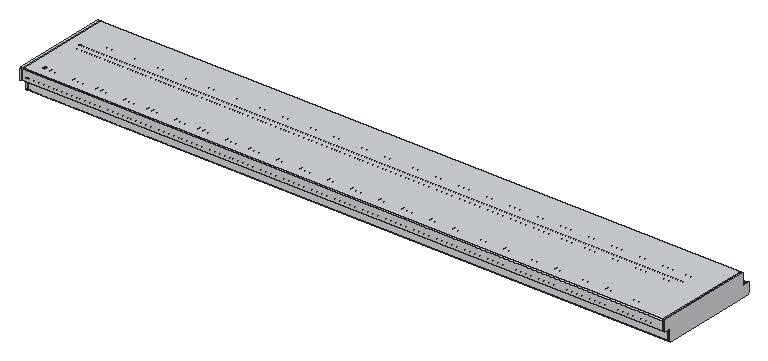
Revit family "165 HI SPAN LOUVRE BLADE-END FIXED", category Generic Models, Revit 2018
Family settings
  Can host rebar = No
  Round Connector Dimension = Use Diameter
  Part Type = Normal
  Work Plane-Based = No
  Always vertical = Yes
  Cut with Voids When Loaded = No
  Shared = No
  Room Calculation Point = No
Parameters
  PITCH [instance] = 0.00°
  M1 [instance] = LENGTH / 2 * cos(PITCH)  # 500 mm
  LOUVRE ANGLE [instance] = 0.00°
  LENGTH [instance] = 1000 mm
  END CAP_SPIRAL PIVOT [instance] = none
  165 HI SPAN LOUVRE BLADE [instance] = none
Reference planes
  plane 1 "Center (Front/Back)": y = 0
  plane 2: z = 0
  plane 3 "Center (Left/Right)": x = 0
  plane 4: x = 500
Lines and regions (mm)
  reference lines
    curve 1: line (0, 0, 0) -> (1000, 0, 0)
    curve 2: line (1000, 0, 26.476) -> (1000, 0, -13.524)
    curve 3: line (0, 0, -7.002) -> (0, 0, 6.998)
    curve 4: line (500, 0, 28.495) -> (500, 0, -31.505)
Dimensions and locks
  "LENGTH": curve 2 to curve 3
  "M1": plane 4 to plane 3 "Center (Left/Right)"
  "LENGTH": curve 1 to curve 1
  equal spacing: curve 2, curve 4, curve 3
  "PITCH": angle level to curve 1
  aligned and locked: level to plane 2
  aligned and locked: plane 3 "Center (Left/Right)" to curve 1
  aligned and locked: plane 2 to curve 1
Automatic sketch dimensions
  curve 1 to curve 3 = 0 mm
  curve 2 to curve 1 = 13.524 mm
  curve 3 to curve 1 = 7.002 mm
  curve 1 to curve 3 = 6.998 mm
  curve 1 to curve 2 = 26.476 mm
  curve 1 to curve 4 = 31.505 mm
  curve 4 to curve 1 = 28.495 mm
Nested families
  nested 1: "165 HI SPAN BLADE AND END CAP" at (500, 0, 0), END CAP <- "END CAP_SPIRAL PIVOT", LENGTH <- "LENGTH", BLADE <- "165 HI SPAN LOUVRE BLADE", LOUVRE BLADE ANGLE <- "LOUVRE ANGLE", type "165 HI SPAN BLADE AND END CAP"
    with LOUVRE BLADE ANGLE 0.00°, LENGTH 1000 mm, END CAP none, BLADE none
Definition of nested family "165 HI SPAN BLADE AND END CAP"
  Parameters (values of type "165 HI SPAN BLADE AND END CAP")
    LOUVRE BLADE ANGLE [instance] = 0.00°
    LENGTH [instance] = 1000 mm
    END CAP [instance] = none
    Default Elevation = 1219.2 mm
    BLADE [instance] = none
  Reference planes
    plane 1 "Center (Front/Back)": y = 0
    plane 2: z = 0
    plane 3 "Center (Left/Right)": x = 0
    plane 4: x = 497
    plane 5: x = 500
    plane 6: x = -497
    plane 7: x = -500
  Forms (mm)
    Extrusion 1, solid, material <- "BLADE"
      sketch origin (0, 0, 0) x (0, 1, 0) y (0, 0, 1)
        loop
          arc (-74.287, 1.756) -> (-74.685, 1.358) -> (-74.287, 0.959) r 0.398
          line (-74.287, 0.959) -> (-70.735, 0.959) -> (-70.735, -16.268) -> (-69.462, -17.541) -> (80.472, -17.541) -> (81.765, -16.256) -> (81.765, -1.041) -> (71.765, -1.041) -> (71.765, 16.187) -> (70.492, 17.459) -> (-79.45, 17.459) -> (-80.735, 16.174) -> (-80.735, 0.959) -> (-78.083, 0.959)
          arc (-78.083, 0.959) -> (-77.685, 1.358) -> (-78.083, 1.756) r 0.398
          line (-78.083, 1.756) -> (-78.935, 1.756) -> (-78.935, 3.056) -> (-73.435, 3.056) -> (-73.435, 1.756) -> (-74.287, 1.756)
        loop
          line (35.915, 0.959) -> (37.694, 0.959)
          arc (37.694, 0.959) -> (40.351, 3.734) -> (44.11, 2.938) r 3.95
          arc (44.11, 2.938) -> (44.197, 1.668) -> (42.927, 1.581) r 0.9
          arc (42.927, 1.581) -> (39.365, -0.041) -> (42.927, -1.662) r 2.15
          arc (42.927, -1.662) -> (44.197, -1.75) -> (44.11, -3.019) r 0.9
          arc (44.11, -3.019) -> (40.351, -3.815) -> (37.694, -1.041) r 3.95
          line (37.694, -1.041) -> (35.915, -1.041)
          arc (35.915, -1.041) -> (35.562, -1.187) -> (35.415, -1.541) r 0.5
          line (35.415, -1.541) -> (35.415, -15.741) -> (79.465, -15.741)
          arc (79.465, -15.741) -> (79.819, -15.594) -> (79.965, -15.241) r 0.5
          line (79.965, -15.241) -> (79.965, -2.841) -> (69.965, -2.841) -> (69.965, 15.659) -> (35.415, 15.659) -> (35.415, 1.459)
          arc (35.415, 1.459) -> (35.562, 1.106) -> (35.915, 0.959) r 0.5
        loop
          line (33.615, 1.459) -> (33.615, 15.659) -> (-32.585, 15.659) -> (-32.585, 1.459)
          arc (-32.585, 1.459) -> (-32.439, 1.106) -> (-32.085, 0.959) r 0.5
          line (-32.085, 0.959) -> (-30.306, 0.959)
          arc (-30.306, 0.959) -> (-27.649, 3.734) -> (-23.891, 2.938) r 3.95
          arc (-23.891, 2.938) -> (-23.803, 1.668) -> (-25.073, 1.581) r 0.9
          arc (-25.073, 1.581) -> (-28.635, -0.041) -> (-25.073, -1.662) r 2.15
          arc (-25.073, -1.662) -> (-23.803, -1.75) -> (-23.891, -3.019) r 0.9
          arc (-23.891, -3.019) -> (-27.649, -3.815) -> (-30.306, -1.041) r 3.95
          line (-30.306, -1.041) -> (-32.085, -1.041)
          arc (-32.085, -1.041) -> (-32.439, -1.187) -> (-32.585, -1.541) r 0.5
          line (-32.585, -1.541) -> (-32.585, -15.741) -> (33.615, -15.741) -> (33.615, -1.541)
          arc (33.615, -1.541) -> (33.469, -1.187) -> (33.115, -1.041) r 0.5
          line (33.115, -1.041) -> (31.337, -1.041)
          arc (31.337, -1.041) -> (28.679, -3.815) -> (24.921, -3.019) r 3.95
          arc (24.921, -3.019) -> (24.833, -1.75) -> (26.103, -1.662) r 0.9
          arc (26.103, -1.662) -> (29.665, -0.041) -> (26.103, 1.581) r 2.15
          arc (26.103, 1.581) -> (24.833, 1.668) -> (24.921, 2.938) r 0.9
          arc (24.921, 2.938) -> (28.679, 3.734) -> (31.337, 0.959) r 3.95
          line (31.337, 0.959) -> (33.115, 0.959)
          arc (33.115, 0.959) -> (33.469, 1.106) -> (33.615, 1.459) r 0.5
        loop
          line (-34.385, 1.459) -> (-34.385, 15.659) -> (-78.435, 15.659)
          arc (-78.435, 15.659) -> (-78.788, 15.513) -> (-78.935, 15.159) r 0.5
          line (-78.935, 15.159) -> (-78.935, 4.856) -> (-71.185, 4.856) -> (-71.185, 2.759) -> (-68.935, 2.759) -> (-68.935, -15.741) -> (-34.385, -15.741) -> (-34.385, -1.541)
          arc (-34.385, -1.541) -> (-34.532, -1.187) -> (-34.885, -1.041) r 0.5
          line (-34.885, -1.041) -> (-36.664, -1.041)
          arc (-36.664, -1.041) -> (-39.321, -3.815) -> (-43.079, -3.019) r 3.95
          arc (-43.079, -3.019) -> (-43.167, -1.75) -> (-41.897, -1.662) r 0.9
          arc (-41.897, -1.662) -> (-38.335, -0.041) -> (-41.897, 1.581) r 2.15
          arc (-41.897, 1.581) -> (-43.167, 1.668) -> (-43.079, 2.938) r 0.9
          arc (-43.079, 2.938) -> (-39.321, 3.734) -> (-36.664, 0.959) r 3.95
          line (-36.664, 0.959) -> (-34.885, 0.959)
          arc (-34.885, 0.959) -> (-34.532, 1.106) -> (-34.385, 1.459) r 0.5
      from -497 to 497
  Lines and regions (mm)
    reference lines
      curve 1: line (0, 0, 0) -> (0, 95, 0)
  Dimensions and locks
    locked: plane 4 to plane 5 at 3
    locked: plane 6 to plane 7 at 3
    equal spacing: plane 6, plane 3 "Center (Left/Right)", plane 4
    "LENGTH": plane 7 to plane 5
    "LOUVRE BLADE ANGLE": angle plane 2 to curve 1
    aligned and locked: level to plane 2
    aligned and locked: plane 1 "Center (Front/Back)" to curve 1
    aligned and locked: plane 2 to curve 1
    aligned and locked: Extrusion 1 to plane 6
    aligned and locked: Extrusion 1 to plane 4
  Automatic sketch dimensions
    Extrusion 1 sketch curve to Extrusion 1 sketch curve = 0 mm  (x40)
    Extrusion 1 sketch curve to curve 1 = 16.174 mm
    Extrusion 1 sketch curve to curve 1 = 80.735 mm
    Extrusion 1 sketch curve to Extrusion 1 sketch curve = 1.285 mm  (x3)
    Extrusion 1 sketch curve to Extrusion 1 sketch curve = 1.8 mm  (x11)
    Extrusion 1 sketch curve to Extrusion 1 sketch curve = 0.5 mm  (x8)
    Extrusion 1 sketch curve to Extrusion 1 sketch curve = 0.852 mm  (x2)
    Extrusion 1 sketch curve to curve 1 = 0.959 mm  (x6)
    Extrusion 1 sketch curve to Extrusion 1 sketch curve = 3.797 mm
    Extrusion 1 sketch curve to Extrusion 1 sketch curve = 2.25 mm
    Extrusion 1 sketch curve to Extrusion 1 sketch curve = 0.45 mm
    curve 1 to Extrusion 1 sketch curve = 17.541 mm
    Extrusion 1 sketch curve to Extrusion 1 sketch curve = 1.273 mm  (x2)
    Extrusion 1 sketch curve to curve 1 = 2.259 mm  (x4)
    Extrusion 1 sketch curve to Extrusion 1 sketch curve = 26.447 mm
    curve 1 to Extrusion 1 sketch curve = 0.041 mm  (x4)
    Extrusion 1 sketch curve to Extrusion 1 sketch curve = 2.003 mm  (x6)
    curve 1 to Extrusion 1 sketch curve = 1.041 mm  (x2)
    Extrusion 1 sketch curve to Extrusion 1 sketch curve = 3.821 mm  (x4)
    Extrusion 1 sketch curve to Extrusion 1 sketch curve = 1.779 mm  (x8)
    curve 1 to Extrusion 1 sketch curve = 2.341 mm  (x4)
    curve 1 to Extrusion 1 sketch curve = 25.512 mm
    Extrusion 1 sketch curve to curve 1 = 1.459 mm
    Extrusion 1 sketch curve to curve 1 = 25.035 mm
    Extrusion 1 sketch curve to Extrusion 1 sketch curve = 0.527 mm  (x3)
    Extrusion 1 sketch curve to curve 1 = 15.535 mm
    Extrusion 1 sketch curve to Extrusion 1 sketch curve = 8.2 mm
    Extrusion 1 sketch curve to Extrusion 1 sketch curve = 1.007 mm
    Extrusion 1 sketch curve to Extrusion 1 sketch curve = 1.293 mm
    curve 1 to Extrusion 1 sketch curve = 1.541 mm  (x3)
    Extrusion 1 sketch curve to Extrusion 1 sketch curve = 0.398 mm  (x2)
    Extrusion 1 sketch curve to Extrusion 1 sketch curve = 1.3 mm
    Extrusion 1 sketch curve to Extrusion 1 sketch curve = 1.015 mm
    Extrusion 1 sketch curve to Extrusion 1 sketch curve = 14.2 mm
    Extrusion 1 sketch curve to Extrusion 1 sketch curve = 0.591 mm  (x3)
  Nested families
    nested 1: "END CAP" at (-497, 0, 0) x (0, 1, 0) z (-1, 0, 0), type "END CAP"
    nested 2: "END CAP" at (497, 0, 0) x (0, 1, 0) z (1, 0, 0), type "END CAP"
  Definition of nested family "END CAP"
    Parameters (values of type "END CAP")
      END CAP = none
      Default Elevation = 1219.2 mm
      10G SCREW = none
    Reference planes
      plane 1 "Center (Front/Back)": y = 0
      plane 2: z = 0
      plane 3 "Center (Left/Right)": x = 0
    Forms (mm)
      Extrusion 1, solid
        sketch origin (0, 0, 0) x (1, 0, 0) y (0, 1, 0)
          loop
            line (-1219.2, 1219.2) -> (-1219.2, -1219.2) -> (1219.2, -1219.2) -> (1219.2, 1219.2) -> (-1219.2, 1219.2)
        from 0 to -304.8
      Extrusion 2, solid, material <- "END CAP"
        sketch origin (447.122, -155.363, 0) x (1, 0, 0) y (0, 1, 0)
          loop
            line (-517.856, 139.095) -> (-516.584, 137.823) -> (-366.649, 137.823) -> (-365.356, 139.108) -> (-365.356, 154.323) -> (-375.356, 154.323) -> (-375.356, 171.55) -> (-376.629, 172.823) -> (-526.571, 172.823) -> (-527.856, 171.538) -> (-527.856, 156.323) -> (-517.856, 156.323) -> (-517.856, 139.095)
        from 0 to 3
    Dimensions and locks
      aligned and locked: plane 2 to Extrusion 1
      aligned and locked: level to Extrusion 1
